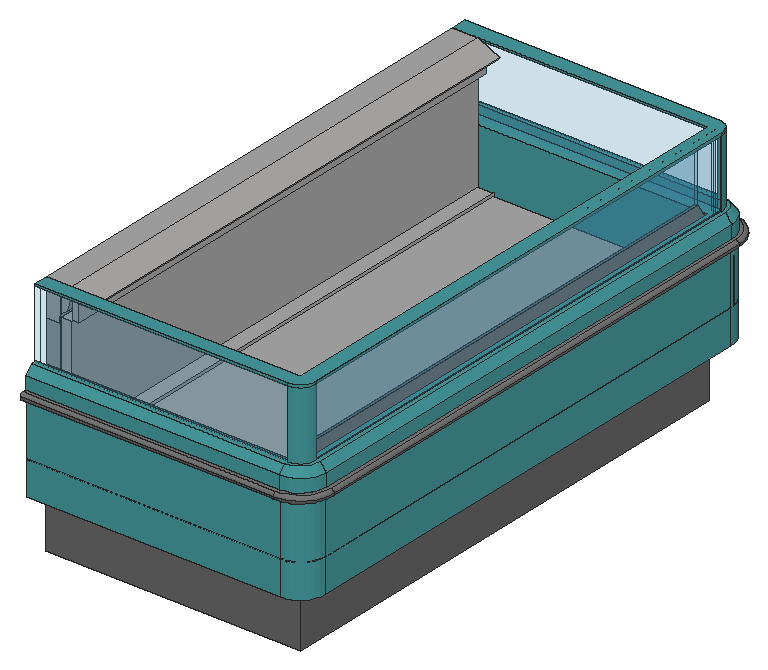
Revit family "OWEZV  12'' GLASS", category Mechanical Equipment, Revit 2019
Family settings
  Round Connector Dimension = Use Radius
  Part Type = Normal
  OmniClass Number = 23.40.40.11.17
  OmniClass Title = Refrigerated Cases
  Work Plane-Based = Yes
  Always vertical = Yes
  Cut with Voids When Loaded = No
  Shared = No
  Room Calculation Point = No
Parameters (values of type "08' - Ice Cream - Glass Front")
  Width = 84 1/4"  # constant formula
  URL = "http://www.hillphoenix.com/?s=owezv"
  SILL CAP MATERIAL [instance] = CHARCOAL BROWN
  SANITARY PIPE SIZE = DRAIN LINE DIAMETER / 2  # 3/4"
  RT STD END = yes
  SUCTION LINE RADIUS = SUCTION LINE DIAMETER / 2  # 1/4"
  SUCTION LINE DIAMETER = 1" / 2  # 1/2"
  SUCTION LINE CONNECTION = "SUCTION LINE CONNECTION"  # constant formula
  RUBBER BUMPER [instance] = BLACK
  PRESSURE REGULATOR = 0.00 psi  # constant formula
  PAINTED METAL INTERIOR [instance] = GALVANIZED STEEL
  PAINTED METAL EXTERIOR [instance] = CHARCOAL BROWN
  NOSE BUMPER MATERIAL [instance] = CHARCOAL BROWN
  Model = "OWEZV"  # constant formula
  Manufacturer = "HILL PHOENIX"  # constant formula
  Length = 96"
  Legend Number = Model  # "OWEZV"
  LIQUID LINE RADIUS = 3/16"  # constant formula
  LIQUID LINE DIAMETER = LIQUID LINE RADIUS * 2  # 3/8"
  LIQUID LINE CONNECTION = "LIQUID LINE CONNECTION"  # constant formula
  LF STD END = yes
  Keynote = ""  # constant formula
  Item Description = Description  # "OWEZV end case"
  Island Timed-Off Termination Temp (°F) = 0 °F
  Island Timed-Off Fail-Safe (Min) = "0"
  Island Tank/Drain Heater Watts = 15 W  # constant formula
  Island Tank/Drain Heater Amps = 0.13 A  # constant formula
  Island Superheat @ Bulb Set Point (°F) = "3-5 °F"
  Island Hot Gas Termination Temp (F°) = 60 °F  # constant formula
  Island Hot Gas Run-Off Time (Min) = "13-15 (Min)"
  Island Hot Gas Fail-Safe (Min) = "20 (Min)"
  Island High Efficiency Fans Watts = 8 W  # constant formula
  Island High Efficiency Fans Amps = 0.15 A  # constant formula
  Island Fans Per Case = 2  # constant formula
  Island Evaporator (°F) = -22 °F
  Island Electric Termination Temp (F°) = 49 °F  # constant formula
  Island Electric Run-Off Time (Min) = "5 (Min)"
  Island Electric Fail-Safe = "60 (Min)"
  Island Discharge Air(°F) = -16 °F
  Island Discharge Air Velocity (FPM) = 200 FPM  # constant formula
  Island BTUH Parallel = 3429
  Island BTUH Conventional = 3429
  Island Application = "Ice Cream"
  Island Anti-Condensate Heaters Watts = 178 W
  Island Anti-Condensate Heaters Amps = 1.48 A
  Island 240 Defrost Heaters Watts = 2394 W  # constant formula
  Island 240 Defrost Heaters Amps = 9.98 A  # constant formula
  Island 208V Defrost Heaters Watts = 1800 A  # constant formula
  Island 208V Defrost Heaters Amps = 8.65 A  # constant formula
  Island  Case Length = 96"  # constant formula
  How Many Defrosts Per Day = 1  # constant formula
  Height = 36 1/8"  # constant formula
  GLASS [instance] = Glass
  EQUIPMENT MARK = Legend Number  # "OWEZV"
  EQUIPMENT DESCRIPTION = Item Description  # "OWEZV end case"
  Description = "OWEZV end case"  # constant formula
  Default Elevation = 48"
  DRIP PAN PLUMB TYPE = "HARD"  # constant formula
  DRAIN PIPING = yes
  DRAIN PIPE TYPE = "PVC"  # constant formula
  DRAIN LINE DIAMETER = 1 1/2"  # constant formula
  DRAIN LINE CONNECTION = "SANITARY CONNECTION"  # constant formula
  DESIGNERS NAME = "SHIDDRAMESH"  # constant formula
  DATE = "04/11/2016"  # constant formula
  Certifications = "NSF 7, UL471, CSA"  # constant formula
  Case Type/Application = "Frozen Food"
  CENTER LINE = Length / 2  # 48"
  BOTTOM REFRIGERATION PIPING = yes
  BOTTOM ELECTRICAL = yes
  KICKPLATE MATERIAL [instance] = BLACK PAINTED METAL
  Assembly Code = ""
Types (6): name | Island Timed-Off Termination Temp (°F) | Island Timed-Off Fail-Safe (Min) | Island Superheat @ Bulb Set Point (°F) | Island Hot Gas Run-Off Time (Min) | Island Hot Gas Fail-Safe (Min) | Island Evaporator (°F) | Island Electric Run-Off Time (Min) | Island Electric Fail-Safe | Island Discharge Air(°F) | Island BTUH Parallel | Island BTUH Conventional | Island Application | Island Anti-Condensate Heaters Watts | Island Anti-Condensate Heaters Amps | Case Type/Application
  08' - Medium Temp - Solid Front | 42 °F | "32 (Min)" | "6-8 °F" | "0 (Min)" | "10 (Min)" | 17 °F | "0 (Min)" | "35 (Min)" | 27 °F | 1008 | 1038 | "Medium Temp" | 98 W | 0.81 A | "Medium Temp"
  08' - Frozen Food - Solid Front | 0 °F | "0" | "3-5 °F" | "13-15 (Min)" | "20 (Min)" | -12 °F | "5 (Min)" | "60 (Min)" | -6 °F | 1689 | 1726 | "Frozen Food" | 98 W | 0.81 A | "Frozen Food"
  08' - Ice Cream - Solid Front | 0 °F | "0" | "3-5 °F" | "13-15 (Min)" | "20 (Min)" | -22 °F | "5 (Min)" | "60 (Min)" | -16 °F | 1900 | 1956 | "Ice Cream" | 98 W | 0.81 A | "Frozen Food"
  08' - Medium Temp - Glass Front | 42 °F | "32 (Min)" | "6-8 °F" | "0 (Min)" | "10 (Min)" | 17 °F | "0 (Min)" | "35 (Min)" | 27 °F | 2196 | 2196 | "Medium Temp" | 178 W | 1.48 A | "Medium Temp"
  08' - Frozen Food - Glass Front | 0 °F | "0" | "3-5 °F" | "13-15 (Min)" | "20 (Min)" | -12 °F | "5 (Min)" | "60 (Min)" | -6 °F | 2663 | 2769 | "Frozen Food" | 178 W | 1.48 A | "Frozen Food"
  08' - Ice Cream - Glass Front | 0 °F | "0" | "3-5 °F" | "13-15 (Min)" | "20 (Min)" | -22 °F | "5 (Min)" | "60 (Min)" | -16 °F | 3429 | 3429 | "Ice Cream" | 178 W | 1.48 A | "Frozen Food"
Reference planes (in)
  plane 1: z = 0.01963
  plane 2 "CASE RIGHT": x = 96
  plane 3: y = -57.24494
  plane 4: z = 1.99925
  plane 5: z = 17.93938
  plane 6: x = 102.93331
  plane 7: x = 132.68331
  plane 8: z = 38.06175
  plane 9: y = -99.49744
  plane 10: y = -14.99244
  plane 11: x = 138.3125
Forms (in)
  Sweep 1, solid, material "CHARCOAL BROWN" <- "PAINTED METAL EXTERIOR", visible <- "RT STD END"
    path origin (0, 0, 33) x (1, 0, 0) y (0, 1, 0)
      loop
        line (96, -99.30744) -> (133.425, -99.30744)
        arc (133.425, -99.30744) -> (136.7484, -97.93084) -> (138.125, -94.60744) r 4.7
        line (138.125, -94.60744) -> (138.125, -19.88244)
        arc (138.125, -19.88244) -> (136.7484, -16.55904) -> (133.425, -15.18244) r 4.7
        line (133.425, -15.18244) -> (96, -15.18244)
    profile origin (114.7125, -99.30744, 33) x (0, 1, 0) y (0, 0, 1)
      loop
        line (2.66278, -20.90728) -> (4.60529, -22.53297) -> (4.60529, -6.37575) -> (2.66278, -6.37575) -> (2.66278, -20.90728)
  Sweep 2, solid, material "Glass", visible <- "RT STD END"
    path origin (0, 0, 43) x (1, 0, 0) y (0, 1, 0)
      loop
        line (96, -99.30744) -> (133.425, -99.30744)
        arc (133.425, -99.30744) -> (136.7484, -97.93084) -> (138.125, -94.60744) r 4.7
        line (138.125, -94.60744) -> (138.125, -19.88244)
        arc (138.125, -19.88244) -> (136.7484, -16.55904) -> (133.425, -15.18244) r 4.7
        line (133.425, -15.18244) -> (96, -15.18244)
    profile origin (114.7125, -99.30744, 43) x (0, 1, 0) y (0, 0, 1)
      loop
        line (3.61093, -5.00536) -> (2.54974, -5.00536) -> (2.54974, -5.2157) -> (2.54974, -17.2157) -> (3.61093, -17.2157) -> (3.61093, -5.00536)
  Sweep 3, solid, material "CHARCOAL BROWN" <- "PAINTED METAL EXTERIOR", visible <- "RT STD END"
    path origin (0, 0, 42.3125) x (1, 0, 0) y (0, 1, 0)
      loop
        line (96, -99.30744) -> (133.425, -99.30744)
        arc (133.425, -99.30744) -> (136.7484, -97.93084) -> (138.125, -94.60744) r 4.7
        line (138.125, -94.60744) -> (138.125, -19.88244)
        arc (138.125, -19.88244) -> (136.7484, -16.55904) -> (133.425, -15.18244) r 4.7
        line (133.425, -15.18244) -> (96, -15.18244)
    profile origin (114.7125, -99.30744, 42.3125) x (0, 1, 0) y (0, 0, 1)
      loop
        line (0.92042, -17.56445) -> (0.92042, -15.68735) -> (1.8585, -14.56938) -> (2.60024, -14.56938) -> (2.60024, -17.28245) -> (1.00879, -17.28245) -> (1.00879, -31.78245) -> (2.66479, -31.78245) -> (2.66479, -31.28245) -> (2.63079, -31.28245) -> (2.63079, -31.74845) -> (1.04279, -31.74845) -> (1.04279, -17.31645) -> (2.63424, -17.31645) -> (2.63424, -14.54038) -> (1.84498, -14.54038) -> (0.87951, -15.69098) -> (0.87951, -17.56445) -> (0.92042, -17.56445)
  Sweep 4, solid, material "CHARCOAL BROWN" <- "PAINTED METAL EXTERIOR", visible <- "RT STD END"
    path origin (0, 0, 53) x (1, 0, 0) y (0, 1, 0)
      loop
        line (96, -99.30744) -> (133.425, -99.30744)
        arc (133.425, -99.30744) -> (136.7484, -97.93084) -> (138.125, -94.60744) r 4.7
        line (138.125, -94.60744) -> (138.125, -19.88244)
        arc (138.125, -19.88244) -> (136.7484, -16.55904) -> (133.425, -15.18244) r 4.7
        line (133.425, -15.18244) -> (96, -15.18244)
    profile origin (114.7125, -99.30744, 53) x (0, 1, 0) y (0, 0, 1)
      loop
        arc (1.03074, -37.46261) -> (1.04978, -37.50857) -> (1.09574, -37.52761) r 0.065
        line (1.09574, -37.52761) -> (2.66278, -37.52761) -> (2.66278, -30.31036) -> (1.03074, -30.31036) -> (1.03074, -37.46261)
  Extrusion 5, solid, material "BLACK PAINTED METAL" <- "KICKPLATE MATERIAL", visible <- "RT STD END"
    sketch origin (0, 300, 0) x (1, 0, 0) y (0, 1, 0)
      loop
        line (96, -326.01168) -> (127.29611, -326.01168) -> (127.29611, -388.47855) -> (96, -388.47855) -> (96, -394.36744) -> (130.4375, -394.36744) -> (130.4375, -320.12244) -> (96, -320.12244) -> (96, -326.01168)
    from 1.99925 to 10.46703
  Extrusion 6, solid, material "GALVANIZED STEEL" <- "PAINTED METAL INTERIOR", visible <- "RT STD END"
    sketch origin (0, -55.74044, 0) x (0, 0, 1) y (-1, 0, 0)
      loop
        line (18.4296, -133.51971) -> (18.4296, -129.54626) -> (18.08395, -129.54626) -> (18.08395, -128.13667) -> (18.00997, -128.13667) -> (18.00997, -127.32461) -> (17.95186, -127.32461) -> (17.94423, -102.05044) -> (18.34774, -102.05044) -> (18.34774, -98.12234) -> (16.33053, -98.12234)
        arc (16.33053, -98.12234) -> (12.11647, -99.85131) -> (10.33107, -104.04178) r 6
        arc (10.33107, -104.04178) -> (10.03569, -115.63777) -> (9.46119, -127.22329) r 481.72817
        arc (9.46119, -127.22329) -> (10.926, -131.50973) -> (14.98546, -133.51971) r 5.94463
        line (14.98546, -133.51971) -> (18.4296, -133.51971)
    from -35.95271 to 38.96171
  Extrusion 7, solid, material "PAINTED SHELVES", visible <- "RT STD END"
    sketch origin (0, 44.25956, 0) x (0, 0, 1) y (-1, 0, 0)
      loop
        line (37.93675, -98.12234) -> (37.93675, -96) -> (10.46703, -96) -> (10.46703, -98.12234) -> (37.93675, -98.12234)
    from 64.04729 to 138.96171
  Extrusion 8, solid, material "BLACK PAINTED METAL" <- "KICKPLATE MATERIAL", visible <- "RT STD END"
    sketch origin (0, 44.25956, -4.94516) x (0, 0, 1) y (-1, 0, 0)
      loop
        line (31.1738, -133.17513) -> (32.1728, -132.17613) -> (32.1728, -131.77055) -> (23.37476, -131.77055) -> (23.37476, -133.51971) -> (30.40008, -133.51971) -> (30.40008, -134.26407) -> (31.64042, -134.26407) -> (31.1738, -133.45585) -> (31.1738, -133.17513)
    from 64.04729 to 138.96171
  Extrusion 9, solid, material "GALVANIZED STEEL" <- "PAINTED METAL INTERIOR", visible <- "RT STD END"
    sketch origin (0, 44.25956, 0) x (0, 0, 1) y (-1, 0, 0)
      loop
        line (18.34774, -99.76893) -> (33.50188, -99.76893) -> (33.50188, -98.12234) -> (18.34774, -98.12234) -> (18.34774, -99.76893)
    from 64.04729 to 138.96171
  Extrusion 10, solid, material "BLACK PAINTED METAL" <- "KICKPLATE MATERIAL", visible <- "RT STD END"
    sketch origin (0, 0, 0) x (1, 0, 0) y (0, 1, 0)
      loop
        line (133.66655, -94.86744) -> (133.66655, -19.62244) -> (96, -19.62244) -> (96, -20.54399) -> (130.4375, -20.54399) -> (130.4375, -94.36744) -> (96, -94.36744) -> (96, -94.86744) -> (133.66655, -94.86744)
    from 1.99925 to 10.46703
  Extrusion 11, solid, material "BLACK PAINTED METAL" <- "KICKPLATE MATERIAL", visible <- "LF STD END"
    sketch origin (0, -55.74044, 0) x (0, 0, 1) y (-1, 0, 0)
      loop
        line (16.33053, -98.12234) -> (10.46703, -98.12234) -> (10.46703, -96) -> (1.99925, -96) -> (1.99925, -127.29611) -> (9.45669, -127.29611)
        arc (9.45669, -127.29611) -> (10.03432, -115.67423) -> (10.33107, -104.04178) r 481.72817
        arc (10.33107, -104.04178) -> (12.11647, -99.85131) -> (16.33053, -98.12234) r 6
    from -29.72876 to 32.73811
  Extrusion 12, solid, material "GALVANIZED STEEL", visible <- "RT STD END"
    sketch origin (0, -55.74044, 0) x (0, 0, 1) y (-1, 0, 0)
      loop
        line (36.59156, -99.95408) -> (33.70803, -99.95408) -> (33.70803, -100.82908) -> (36.59156, -100.82908) -> (36.59156, -99.95408)
    from -35.95273 to 38.96171
  Extrusion 13, solid, material "Glass" <- "GLASS", visible <- "RT STD END"
    sketch origin (0, 44.25956, 15.05484) x (0, 0, 1) y (-1, 0, 0)
      loop
        line (12.1728, -131.77055) -> (12.1728, -132.17613) -> (20.70513, -132.17613) -> (20.70513, -131.77055) -> (12.1728, -131.77055)
    from 64.04729 to 138.96171
  Extrusion 14, solid, material "BLACK PAINTED METAL" <- "KICKPLATE MATERIAL", visible <- "RT STD END"
    sketch origin (0, 100, 0) x (1, 0, 0) y (0, 1, 0)
      loop
        line (96, -126.01168) -> (96, -127.76134) -> (99.875, -127.76134) -> (99.875, -186.72854) -> (96, -186.72854) -> (96, -188.47855) -> (127.29611, -188.47855) -> (127.29611, -126.01168) -> (96, -126.01168)
    from 1.99925 to 5.02585
  Extrusion 15, solid, material "GALVANIZED STEEL" <- "PAINTED METAL INTERIOR", visible <- "RT STD END"
    sketch origin (-2.12234, 44.25956, 20.10871) x (0, 0, 1) y (-1, 0, 0)
      loop
        line (13.39317, -100.13865) -> (13.39317, -100.26665) -> (13.79897, -100.26665) -> (14.6539, -101.36091) -> (16.04391, -101.70734) -> (16.04391, -101.96465) -> (16.10572, -101.96465) -> (16.65643, -101.96465) -> (16.65643, -103.02665) -> (16.04391, -103.02665) -> (16.04391, -104.83466) -> (16.42669, -105.05565) -> (17.95304, -101.86312) -> (17.95304, -98.12234) -> (12.52245, -98.12234) -> (12.52245, -100.13865) -> (13.39317, -100.13865)
      loop
        line (16.59751, -102.02815) -> (13.59932, -102.02815) -> (13.59932, -102.95142) -> (16.59751, -102.95142) -> (16.59751, -102.02815)
    from 64.04729 to 138.96171
  Extrusion 16, void
    sketch origin (0, -55.74044, 1.99925) x (-1, 0, 0) y (0, -1, 0)
      loop
        circle (-123.5625, 1.50449) r 2
    from -3.02906 to 2.97094
  Extrusion 17, void
    sketch origin (0, 300, 1.99925) x (1, 0, 0) y (0, 1, 0)
      loop
        circle (123.5625, -323.80744) r 2
    from 0 to 6
  Extrusion 18, solid, visible <- "BOTTOM ELECTRICAL"
    sketch origin (96, -114.48988, 0) x (-1, 0, 0) y (0, -1, 0)
      loop
        line (-20.37836, -23.74195) -> (-20.37836, -20.91109) -> (-32.67516, -20.91109) -> (-32.67516, -23.74195) -> (-20.37836, -23.74195)
    from 1.99925 to 2.24473
  Extrusion 19, solid, material "COPPER PIPE", visible <- "DRAIN PIPING"
    sketch origin (0, 0, 0) x (1, 0, 0) y (0, 1, 0)
      loop
        arc (122.0625, -57.24492) -> (123.49548, -58.74343) -> (125.05651, -57.37882) r 1.5
        arc (125.05651, -57.37882) -> (123.62952, -55.74642) -> (122.0625, -57.24492) r 1.5
    from 4.34231 to 7.99925
  Extrusion 20, solid, material "COPPER PIPE", visible <- "BOTTOM REFRIGERATION PIPING"
    sketch origin (0, 0, 0) x (1, 0, 0) y (0, 1, 0)
      loop
        circle (123.5625, -22.80744) r 0.5
      loop
        circle (123.5625, -24.80744) r 0.375
    from 4.34231 to 7.99925
  Sweep 21, solid, material "BLACK" <- "RUBBER BUMPER", visible <- "RT STD END"
    path origin (0, 0, 43.875) x (1, 0, 0) y (0, 1, 0)
      loop
        line (96, -99.30744) -> (133.425, -99.30744)
        arc (133.425, -99.30744) -> (136.7484, -97.93084) -> (138.125, -94.60744) r 4.7
        line (138.125, -94.60744) -> (138.125, -19.88244)
        arc (138.125, -19.88244) -> (136.7484, -16.55904) -> (133.425, -15.18244) r 4.7
        line (133.425, -15.18244) -> (96, -15.18244)
    profile origin (114.7125, -99.30744, 43.875) x (0, 1, 0) y (0, 0, 1)
      loop
        line (0.92042, -19.12695) -> (0.31, -19.12695)
        arc (0.31, -19.12695) -> (-0.04355, -19.2734) -> (-0.19, -19.62695) r 0.5
        arc (-0.19, -19.62695) -> (-0.04355, -19.9805) -> (0.31, -20.12695) r 0.5
        line (0.31, -20.12695) -> (0.92042, -20.12695) -> (0.92042, -19.12695)
  Sweep 22, solid, material "Glass", visible <- "RT STD END"
    path origin (0, 0, 68) x (1, 0, 0) y (0, 1, 0)
      loop
        line (96, -99.30744) -> (133.425, -99.30744)
        arc (133.425, -99.30744) -> (136.7484, -97.93084) -> (138.125, -94.60744) r 4.7
        line (138.125, -94.60744) -> (138.125, -19.88244)
        arc (138.125, -19.88244) -> (136.7484, -16.55904) -> (133.425, -15.18244) r 4.7
        line (133.425, -15.18244) -> (96, -15.18244)
    profile origin (114.7125, -99.30744, 68) x (0, 1, 0) y (0, 0, 1)
      loop
        line (3.61093, -30.19076) -> (4.60529, -30.19076) -> (4.60529, -29.87575) -> (2.42869, -29.87575) -> (2.42869, -30.19076) -> (2.54974, -30.19076) -> (2.54974, -30.00536) -> (3.61093, -30.00536) -> (3.61093, -30.19076)
  Sweep 23, solid, material "CHARCOAL BROWN" <- "SILL CAP MATERIAL", visible <- "RT STD END"
    path origin (0, 0, 56.375) x (1, 0, 0) y (0, 1, 0)
      loop
        line (96, -99.30744) -> (133.425, -99.30744)
        arc (133.425, -99.30744) -> (136.7484, -97.93084) -> (138.125, -94.60744) r 4.7
        line (138.125, -94.60744) -> (138.125, -19.88244)
        arc (138.125, -19.88244) -> (136.7484, -16.55904) -> (133.425, -15.18244) r 4.7
        line (133.425, -15.18244) -> (96, -15.18244)
    profile origin (114.7125, -99.30744, 56.375) x (0, 1, 0) y (0, 0, 1)
      loop
        line (2.42869, -18.25075) -> (2.42869, -18.56576) -> (2.54974, -18.56576) -> (2.54974, -18.38036) -> (3.61093, -18.38036) -> (3.61093, -18.56576) -> (4.60529, -18.56576) -> (4.60529, -18.25075) -> (2.42869, -18.25075)
  Extrusion 24, solid, material "CHARCOAL BROWN" <- "PAINTED METAL EXTERIOR"
    sketch origin (0, 0, 0) x (1, 0, 0) y (0, 1, 0)
      loop
        arc (135.69631, -19.88244) -> (135.03106, -18.27638) -> (133.425, -17.61113) r 2.27131
        line (133.425, -17.61113) -> (133.425, -17.73613)
        arc (133.425, -17.73613) -> (134.94267, -18.36477) -> (135.57131, -19.88244) r 2.14631
        line (135.57131, -19.88244) -> (135.69631, -19.88244)
    from 27.77212 to 37.80924
  Extrusion 25, solid, material "CHARCOAL BROWN" <- "PAINTED METAL EXTERIOR"
    sketch origin (0, -114.48988, 0) x (1, 0, 0) y (0, 1, 0)
      loop
        line (135.69631, 19.88244) -> (135.57131, 19.88244)
        arc (135.57131, 19.88244) -> (134.94267, 18.36477) -> (133.425, 17.73613) r 2.14631
        line (133.425, 17.73613) -> (133.425, 17.61113)
        arc (133.425, 17.61113) -> (135.03106, 18.27638) -> (135.69631, 19.88244) r 2.27131
    from 27.77212 to 37.80924
Cuts and joins
  Extrusion 16, Extrusion 17 cuts Extrusion 5
  Extrusion 16, Extrusion 17 cuts Extrusion 10
  Extrusion 16 cuts Extrusion 11
  Extrusion 16 cuts Extrusion 14
Dimensions and locks (in)
  Extrusion 7 to cut or joined group of Extrusion 10, Extrusion 16, Extrusion 17 = 35 15/16"
  Extrusion 9 to plane 5 = 15 9/16"
  plane 6 to plane 7 = 29 3/4"
  plane 7 to Extrusion 9 = 32.91438"
  Extrusion 15 to cut or joined group of Extrusion 10, Extrusion 16, Extrusion 17 = 36 1/16"
  plane 11 to cut or joined group of Extrusion 10, Extrusion 16, Extrusion 17 = 42 5/16"
  cut or joined group of Extrusion 10, Extrusion 16, Extrusion 17 to cut or joined group of Extrusion 10, Extrusion 16, Extrusion 17 = 37.66655"
  cut or joined group of Extrusion 10, Extrusion 16, Extrusion 17 to cut or joined group of Extrusion 10, Extrusion 16, Extrusion 17 = 34 7/16"
  cut or joined group of Extrusion 10, Extrusion 16, Extrusion 17 to cut or joined group of Extrusion 10, Extrusion 16, Extrusion 17 = 3.22905"
  cut or joined group of Extrusion 14, Extrusion 16 to cut or joined group of Extrusion 10, Extrusion 16, Extrusion 17 = 30 9/16"
  Sweep 23 to plane 4 = 36 1/8"
  Sweep 23 to Sweep 3 = 10.35213"
  aligned and locked: Extrusion 15 to plane 2 "CASE RIGHT"
Connectors (in)
  piping at (123.5625, -22.80744, 4.34231), diameter 0.5, driven by "SUCTION LINE CONNECTION", driven by "SUCTION LINE RADIUS"
    settings: on Extrusion 20, index 18, connector inside diameter 1/2", connector length 0", flow factor 0, pipe flow 0 GPM, pressure drop 0.00 psi, fitting loss kfactor 0, connector angle 0.000°, fixture units 0, engagement length 0", angle of deflection 0.000°, flow configuration 0, flow direction 2, fitting loss method 0, system type 7, joint type 0, gender type 0, connector reference index -1, connector utility 0, adjustable connector no, is connector primary yes, connector description "SUCTION LINE CONNECTION"
  piping at (123.5625, -24.80744, 4.34231), diameter 0.375, driven by "LIQUID LINE CONNECTION", driven by "LIQUID LINE RADIUS"
    settings: on Extrusion 20, index 19, connector inside diameter 3/8", connector length 0", flow factor 0, pipe flow 0 GPM, pressure drop 0.00 psi, fitting loss kfactor 0, connector angle 0.000°, fixture units 0, engagement length 0", angle of deflection 0.000°, flow configuration 0, flow direction 1, fitting loss method 0, system type 8, joint type 0, gender type 0, connector reference index -1, connector utility 0, adjustable connector no, is connector primary no, connector description "LIQUID LINE CONNECTION"
  piping at (123.55951, -57.31187, 4.34231), diameter 1.5, driven by "DRAIN LINE CONNECTION", driven by "SANITARY PIPE SIZE"
    settings: on Extrusion 19, index 20, connector inside diameter 1 1/2", connector length 0", flow factor 0, pipe flow 0 GPM, pressure drop 0.00 psi, fitting loss kfactor 0, connector angle 0.000°, fixture units 0, engagement length 0", angle of deflection 0.000°, flow configuration 0, flow direction 2, fitting loss method 0, system type 16, joint type 0, gender type 0, connector reference index -1, connector utility 0, adjustable connector no, is connector primary no, connector description "SANITARY CONNECTION"
